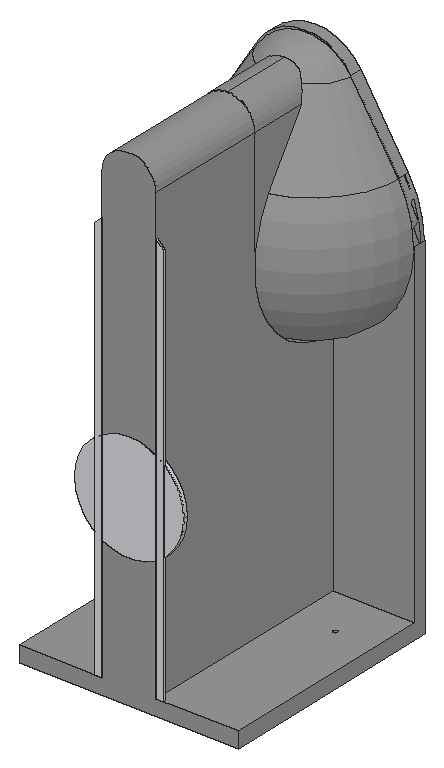
Revit family "Toilet-Willoughby-ASETF-1490-FM-FA-12-BS", category Plumbing Fixtures, Revit 2015
Parameters (values of type "Standard")
  Waste DIA = 2 3/8"
  Waste Connection = yes
  W-RAD [instance] = Waste DIA / 2  # 0' - 1 3/16"
  Vent Connection = no
  URL = "https://www.willoughby-ind.com/wp-content/uploads/2018/01/ASETF-1490-FM-FA.pdf"
  Type Comments = ""
  Revision = "A"
  Model = "ASETW-1490-FM-FA-10-TS"
  Manufacturer = "Willoughby Industries"
  HW Connection = no
  Flush inlet DIA = 1 1/2"
  Flush Inlet Connection = yes
  Fixture Body = Stainless Steel AISI 304-Willoughby
  F-RAD [instance] = Flush inlet DIA / 2  # 0' - 0 3/4"
  Description = "1490 Front Access, Ligature-Resistant, Floor Outlet and Mounted, Siphon Jet, 10\" Rough In"
  Default Elevation = 0' - 0"
  Contact Number = "(800) 428-4065"
  CW Connection = no
Reference planes (in)
  plane 1 "Base": y = -16.25
  plane 2: z = 0
  plane 3 "Center": x = 18.31072
  plane 4 "Waste height": y = -4.75
  plane 5 "Seat HGT": y = -1.25
  plane 6: y = -2.125
  plane 7: x = 16.56072
  plane 8: x = 20.06072
  plane 9: x = 13.81072
  plane 10: x = 22.81072
  plane 11: z = 2.70924
  plane 12: z = -3
  plane 13: z = 25
Forms (in)
  Extrusion 1, solid, material "Stainless Steel AISI 304-Willoughby" <- "Fixture Body"
    sketch origin (16.08109, 7.47968, -0.20079) x (-1, 0, 0) y (0, 0, -1)
      loop
        line (4.79769, -22.8922) -> (4.83287, -22.8922) -> (4.83287, -1.20079) -> (-9.29213, -1.20079) -> (-9.29213, -22.8922) -> (-9.20219, -22.8922)
        arc (-9.20219, -22.8922) -> (-8.94577, -24.74051) -> (-8.21015, -26.45542) r 7
        line (-8.21015, -26.45542) -> (-5.16818, -31.31054)
        arc (-5.16818, -31.31054) -> (-2.20225, -32.95225) -> (0.76368, -31.31054) r 3.5
        line (0.76368, -31.31054) -> (3.80565, -26.45542)
        arc (3.80565, -26.45542) -> (4.54128, -24.74051) -> (4.79769, -22.8922) r 7
      loop
        arc (2.03989, -24.70557) -> (-2.20225, -18.23804) -> (-6.44438, -24.70557) r 4.625
        line (-6.44438, -24.70557) -> (-4.04125, -30.23842)
        arc (-4.04125, -30.23842) -> (-2.20225, -31.45225) -> (-0.36324, -30.23842) r 2
        line (-0.36324, -30.23842) -> (2.03989, -24.70557)
    from 8.72968 to 9.5
  Revolve 2, solid, material "Stainless Steel AISI 304-Willoughby" <- "Fixture Body"
    sketch origin (19.37981, -1.52032, 3.00775) x (-1, 0, 0) y (0, 0, -1)
      loop
        line (1.06174, -12.59906) -> (1.06174, -12.84906)
        arc (1.06174, -12.84906) -> (6.96784, -16.33096) -> (6.78077, -23.18447) r 6.75
        line (6.78077, -23.18447) -> (5.22309, -25.66909)
        arc (5.22309, -25.66909) -> (3.40303, -27.84141) -> (1.06174, -29.43826) r 10.34445
        line (1.06174, -29.43826) -> (1.06174, -29.68826)
        arc (1.06174, -29.68826) -> (2.75672, -29.25045) -> (4.02767, -28.04656) r 3.5
        line (4.02767, -28.04656) -> (7.06964, -23.19143)
        arc (7.06964, -23.19143) -> (7.15052, -16.14555) -> (1.06174, -12.59906) r 7
      axis (1.06174, -12.59906) -> (1.06174, -29.68826)
    angle from 0 to -180
  Extrusion 3, solid, material "Stainless Steel AISI 304-Willoughby" <- "Fixture Body"
    sketch origin (19.53334, -3.02032, 1.9906) x (0, 1, 0) y (0, 0, 1)
      loop
        line (-5.27082, -0.9906) -> (1, -0.9906) -> (1, 13.80524)
        arc (1, 13.80524) -> (-3.15813, 15.45207) -> (-5.27082, 19.39398) r 6.50625
        line (-5.27082, 19.39398) -> (-5.27082, -0.9906)
    from 0.52738 to -2.97262
  Extrusion 4, solid, material "Stainless Steel AISI 304-Willoughby" <- "Fixture Body"
    sketch origin (0, -16.25, 0) x (1, 0, 0) y (0, 0, 1)
      loop
        line (25.37322, 0) -> (25.37322, 1) -> (11.2834, 1) -> (11.2834, 0) -> (25.37322, 0)
    from -15 to 0
  Extrusion 5, solid, material "Stainless Steel AISI 304-Willoughby" <- "Fixture Body"
    sketch origin (0, -16.25, 6.94141) x (1, 0, 0) y (0, 0, 1)
      loop
        line (20.06072, -5.94141) -> (20.06072, 23.23467)
        arc (20.06072, 23.23467) -> (18.31072, 24.98467) -> (16.56072, 23.23467) r 1.75
        line (16.56072, 23.23467) -> (16.56072, -5.94141) -> (20.06072, -5.94141)
    from 0 to -7.95886
  Extrusion 6, solid, material "Stainless Steel AISI 304-Willoughby" <- "Fixture Body"
    sketch origin (18.31072, 0, 6.94141) x (0, 1, 0) y (0, 0, 1)
      loop
        line (-8.30956, 24.98711) -> (-8.30956, 16.43945)
        arc (-8.30956, 16.43945) -> (-7.89398, 17.78452) -> (-7.26296, 19.04298) r 8.53534
        arc (-7.26296, 19.04298) -> (-5.96181, 21.12816) -> (-4.62752, 23.19229) r 153.87584
        arc (-4.62752, 23.19229) -> (-4.20813, 24.22574) -> (-3.39314, 24.98711) r 2.59068
        line (-3.39314, 24.98711) -> (-8.30956, 24.98711)
    from -1.75 to 1.75
  Extrusion 7, void
    sketch origin (0, -16.25, 6.94141) x (1, 0, 0) y (0, 0, 1)
      loop
        arc (18.32244, 24.98711) -> (19.55159, 24.47797) -> (20.06072, 23.24882) r 1.73828
        line (20.06072, 23.24882) -> (20.06072, 24.98711) -> (18.32244, 24.98711)
    from -13.39931 to -7.72232
  Extrusion 8, void
    sketch origin (0, -16.25, 6.94141) x (1, 0, 0) y (0, 0, 1)
      loop
        line (16.56072, 24.98711) -> (16.56072, 23.38793)
        arc (16.56072, 23.38793) -> (17.12541, 24.5271) -> (18.31072, 24.98711) r 1.75711
        line (18.31072, 24.98711) -> (16.56072, 24.98711)
    from -12.85686 to -7.94044
  Extrusion 9, solid
    sketch origin (0, -16.25, 6.94141) x (1, 0, 0) y (0, 0, 1)
      loop
        line (20.06072, -5.94141) -> (20.56072, -5.94141) -> (20.56072, 20.125) -> (20.06072, 20.625) -> (20.06072, -5.94141)
      loop
        line (16.58416, -5.94141) -> (16.58416, 20.625) -> (16.08416, 20.125) -> (16.08416, -5.94141) -> (16.58416, -5.94141)
    from 0 to -0.0625
  Extrusion 10, solid
    sketch origin (0, -16.25, 0) x (1, 0, 0) y (0, 0, 1)
      loop
        circle (18.32831, 12) r 3.5
    from 0 to -0.25
  Extrusion 11, void
    sketch origin (0, 0, 0) x (1, 0, 0) y (0, 1, 0)
      loop
        circle (22.82831, -5.25) r 0.15625
      loop
        circle (13.82831, -5.25) r 0.15625
    from -0.25 to 1
  Extrusion 12, solid
    sketch origin (0, 0, 0) x (1, 0, 0) y (0, 1, 0)
      loop
        circle (18.31072, -3.125) r 0.75
    from 0 to 1
Cuts and joins
  Extrusion 11 cuts Extrusion 1
  Extrusion 11 cuts Extrusion 3
  Extrusion 11 cuts Extrusion 4
  Extrusion 11 cuts Extrusion 5
  joined: Extrusion 1, Extrusion 3, Extrusion 4, Extrusion 5
  Extrusion 7, Extrusion 8 cuts Extrusion 6
Lines and regions (in)
  symbolic lines
    curve 1: line (11.28334, -2.02032, 0) -> (11.28334, -1.25, 0)
    curve 2: line (11.28334, -1.25, 0) -> (25.28334, -1.25, 0)
    curve 3: line (25.28334, -1.25, 0) -> (25.28334, -2.02032, 0)
    curve 4: arc (25.28334, -2.02032, 0) -> (23.0776, -6.6446, 0) -> (18.31072, -8.52239, 0) r 6.98983
    curve 5: arc (18.31072, -8.52239, 0) -> (13.52369, -6.64758, 0) -> (11.28334, -2.02032, 0) r 7.04842
    curve 6: line (22.81072, -6.88104, 0) -> (22.81072, -16.25, 0)
    curve 7: line (22.81072, -16.25, 0) -> (13.81072, -16.25, 0)
    curve 8: line (13.81072, -16.25, 0) -> (13.81072, -6.89908, 0)
    curve 9: line (16.56072, -8.30173, 0) -> (16.56072, -16.25, 0)
    curve 10: line (20.06072, -8.29974, 0) -> (20.06072, -16.25, 0)
    curve 11: line (14.78334, -16.25, 9.65867) -> (14.78334, -16.25, 1)
    curve 12: line (14.78334, -16.25, 1) -> (13.81072, -16.25, 1)
    curve 13: line (13.81072, -16.25, 1) -> (13.81072, -16.25, 0)
    curve 14: line (13.81072, -16.25, 0) -> (22.81072, -16.25, 0)
    curve 15: line (22.81072, -16.25, 0) -> (22.81072, -16.25, 1)
    curve 16: line (22.81072, -16.25, 1) -> (21.81072, -16.25, 1)
    curve 17: line (21.81072, -16.25, 1) -> (21.81072, -16.25, 9.67456)
    curve 18: arc (21.81072, -16.25, 9.67456) -> (25.08799, -16.25, 13.93608) -> (24.32597, -16.25, 19.25778) r 6.9206
    curve 19: line (24.32597, -16.25, 19.25778) -> (21.24927, -16.25, 24.16835)
    curve 20: arc (21.24927, -16.25, 24.16835) -> (19.97832, -16.25, 25.37224) -> (18.28334, -16.25, 25.81005) r 3.5
    curve 21: arc (18.28334, -16.25, 25.81005) -> (16.58835, -16.25, 25.37224) -> (15.31741, -16.25, 24.16835) r 3.5
    curve 22: line (15.31741, -16.25, 24.16835) -> (12.35249, -16.25, 19.43905)
    curve 23: arc (12.35249, -16.25, 19.43905) -> (11.49002, -16.25, 14.03241) -> (14.78334, -16.25, 9.65867) r 7
    curve 29: line (18.31072, -8.4296, 16.67525) -> (18.31072, -16.25, 16.67525)
    curve 30: line (18.31072, -16.25, 16.67525) -> (18.31072, -16.25, 0)
    curve 31: line (18.31072, -16.25, 0) -> (18.31072, -1.25, 0)
    curve 32: line (18.31072, -1.25, 0) -> (18.31072, -1.25, 25.81005)
    curve 33: line (18.31072, -1.25, 25.81005) -> (18.31072, -2.02032, 25.81005)
    curve 34: arc (18.31072, -2.02032, 25.81005) -> (18.31072, -3.29152, 25.30605) -> (18.31072, -4.30177, 24.38445) r 3.79748
    curve 35: line (18.31072, -4.30177, 24.38445) -> (18.31072, -7.52822, 19.25778)
    curve 36: arc (18.31072, -7.52822, 19.25778) -> (18.31072, -8.12539, 18.01764) -> (18.31072, -8.4296, 16.67525) r 6.10578
    curve 37: arc (18.31072, -8.4296, 16.67525) -> (18.31072, -8.31403, 15.24489) -> (18.31072, -8.29114, 13.81005) r 22.19593
    curve 38: arc (18.31072, -8.29114, 13.81005) -> (18.31072, -5.95289, 10.31029) -> (18.31072, -2.02032, 8.81005) r 6.92744
    curve 39: line (18.31072, -1.25, 9.65867) -> (18.31072, -2.02032, 9.65867)
    curve 40: line (18.31072, -2.02032, 9.65867) -> (18.31072, -2.02032, 1)
    curve 41: line (18.31072, -2.02032, 1) -> (18.31072, -16.25, 1)
    curve 42: line (20.06072, -8.29974, 0) -> (20.06072, -4.61725, 0)
    curve 43: arc (20.06072, -4.61725, 0) -> (19.34995, -3.84312, 0) -> (18.31072, -3.68676, 0) r 1.57857
    curve 44: arc (18.31072, -3.68676, 0) -> (17.30223, -3.87691, 0) -> (16.56072, -4.5864, 0) r 1.8036
    curve 45: line (16.56072, -4.5864, 0) -> (16.56072, -8.30173, 0)
    curve 46: line (18.31072, -8.30956, 24.98711) -> (18.31072, -3.72908, 24.98711)
  symbolic lines, detail levels fine
    curve 24: arc (14.0412, -16.25, 17.56337) -> (18.28334, -16.25, 11.09585) -> (22.52547, -16.25, 17.56337) r 4.625
    curve 25: line (22.52547, -16.25, 17.56337) -> (20.12234, -16.25, 23.09622)
    curve 26: arc (20.12234, -16.25, 23.09622) -> (19.38317, -16.25, 23.97635) -> (18.28334, -16.25, 24.31005) r 2.01767
    curve 27: arc (18.28334, -16.25, 24.31005) -> (17.17969, -16.25, 23.98213) -> (16.44433, -16.25, 23.09622) r 1.9827
    curve 28: line (16.44433, -16.25, 23.09622) -> (14.0412, -16.25, 17.56337)
Dimensions and locks (in)
  locked: plane 1 "Base" to plane 4 "Waste height" at 11.5
  locked: plane 1 "Base" to plane 5 "Seat HGT" at 15
  plane 9 to plane 3 "Center" = 0' - 4 1/2"
  plane 9 to plane 10 = 0' - 9"
  plane 13 to level = 2' - 1"
  aligned and locked: Extrusion 1 to Revolve 2
  aligned and locked: cut or joined group of Extrusion 1, Extrusion 3, Extrusion 4, Extrusion 5, Extrusion 11 to Extrusion 1
  aligned and locked: Extrusion 8 to Extrusion 6
  aligned and locked: Extrusion 9 to cut or joined group of Extrusion 1, Extrusion 3, Extrusion 4, Extrusion 5, Extrusion 11
Connectors (in)
  piping at (18.32831, -16.25, 12), diameter 2.5
    settings: on Extrusion 10, index 3, connector inside diameter 24", connector length 0' - 0", flow factor 0, pipe flow 0 GPM, pressure drop 0.00 psi, fitting loss kfactor 0, connector angle 0.00°, fixture units 0, engagement length 0' - 0", angle of deflection 0.00°, flow configuration 0, flow direction 0, fitting loss method 0, system type 7, joint type 0, gender type 0, connector reference index -1, connector utility 0, adjustable connector no, is connector primary yes, connector description ""
  piping at (18.31072, -3.125, 0), diameter 1.5
    settings: on Extrusion 12, index 4, connector inside diameter 24", connector length 0' - 0", flow factor 0, pipe flow 0 GPM, pressure drop 0.00 psi, fitting loss kfactor 0, connector angle 0.00°, fixture units 0, engagement length 0' - 0", angle of deflection 0.00°, flow configuration 0, flow direction 0, fitting loss method 0, system type 7, joint type 0, gender type 0, connector reference index -1, connector utility 0, adjustable connector no, is connector primary no, connector description ""
